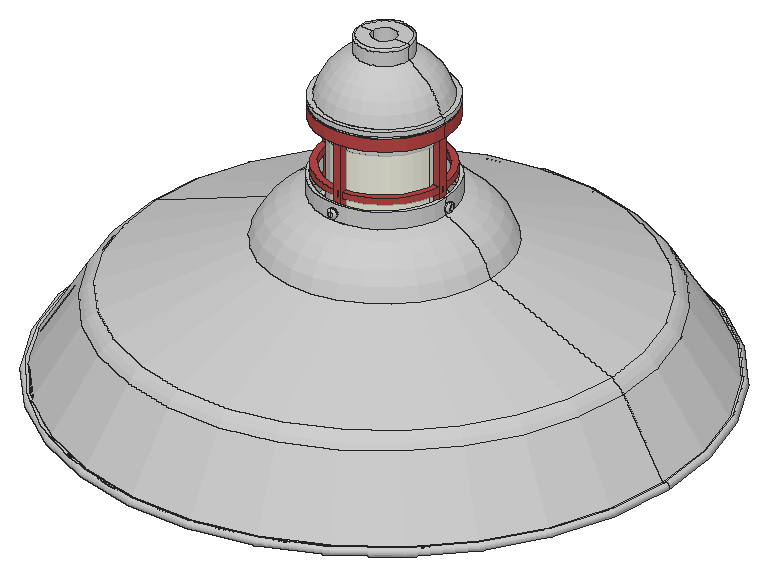
Revit family "WCG20", category Lighting Fixtures, Revit 2024
Family settings
  Round Connector Dimension = Use Diameter
  Part Type = Normal
  OmniClass Number = 23.80.70.00
  OmniClass Title = Lighting
  Work Plane-Based = No
  Always vertical = Yes
  Cut with Voids When Loaded = No
  Light Source = No
  Maintain Annotation Orientation = No
  Shared = No
  Room Calculation Point = No
Parameters
  Default Elevation = 0' - 0"
Reference planes (in)
  plane 1 "Light Source Axis (F/B)": y = 0
  plane 2: z = 0
  plane 3 "Light Source Axis (L/R)": x = 0
  plane 4 "Light Source Elevation": z = 84
Forms (in)
  Extrusion 1, solid, material "49"
    sketch origin (6.84003, -1.34798, 7.78675) x (1, 0, 0) y (0, 0, 1)
      loop
        line (-4.78958, 84.58935) -> (-4.99147, 84.58935) -> (-4.99147, 79.4727)
        arc (-4.99147, 79.4727) -> (-5.57549, 78.12432) -> (-6.95853, 77.62794) r 1.84856
        arc (-6.95853, 77.62794) -> (-8.1884, 78.20816) -> (-8.68859, 79.4727) r 1.84856
        line (-8.68859, 79.4727) -> (-8.68859, 84.58935) -> (-8.89048, 84.58935) -> (-8.89048, 79.4727)
        arc (-8.89048, 79.4727) -> (-6.84003, 77.42225) -> (-4.78958, 79.4727) r 2.05045
        line (-4.78958, 79.4727) -> (-4.78958, 84.58935)
    from -1.47618 to -1.22382
  Revolve 2, solid, material "49"
    sketch origin (6.84003, 0, 7.78675) x (1, 0, 0) y (0, 0, 1)
      loop
        line (-4.69794, 85.06325) -> (-4.69794, 85.21325) -> (-4.8646, 85.21325)
        arc (-4.8646, 85.21325) -> (-5.25766, 86.02652) -> (-5.96503, 86.58825) r 2.02674
        line (-5.96503, 86.58825) -> (-5.96503, 87.02575)
        arc (-5.96503, 87.02575) -> (-5.98334, 87.06994) -> (-6.02753, 87.08825) r 0.0625
        line (-6.02753, 87.08825) -> (-6.45092, 87.08825) -> (-6.45092, 86.65354)
        arc (-6.45092, 86.65354) -> (-5.46253, 86.11619) -> (-4.94074, 85.1195) r 1.93299
        line (-4.94074, 85.1195) -> (-4.83639, 85.1195) -> (-4.83639, 84.89938) -> (-4.79169, 84.89938) -> (-4.79169, 84.6831) -> (-5.08522, 84.6831) -> (-5.08522, 84.30461) -> (-4.99147, 84.30461) -> (-4.99147, 84.58935) -> (-4.69794, 84.58935) -> (-4.69794, 84.99313) -> (-4.74264, 84.99313) -> (-4.74264, 85.06325) -> (-4.69794, 85.06325)
      loop
        line (-4.99147, 82.87328) -> (-4.78958, 82.87328) -> (-4.78958, 83.07517) -> (-4.99147, 83.07517) -> (-4.99147, 82.87328)
      loop
        line (-4.99147, 81.35911) -> (-4.78958, 81.35911) -> (-4.78958, 81.561) -> (-4.99147, 81.561) -> (-4.99147, 81.35911)
      loop
        line (-4.99147, 79.84493) -> (-4.78958, 79.84493) -> (-4.78958, 80.04682) -> (-4.99147, 80.04682) -> (-4.99147, 79.84493)
      loop
        line (-5.24003, 84.58935) -> (-5.33378, 84.58935) -> (-5.33378, 79.6014)
        arc (-5.33378, 79.6014) -> (-5.77495, 78.53632) -> (-6.84003, 78.09515) r 1.50625
        line (-6.84003, 78.09515) -> (-6.84003, 78.0014)
        arc (-6.84003, 78.0014) -> (-5.70866, 78.47003) -> (-5.24003, 79.6014) r 1.6
        line (-5.24003, 79.6014) -> (-5.24003, 84.58935)
      axis (-6.84003, 87.08825) -> (-6.84003, 78.0014)
    angle from 0 to 360
  Extrusion 3, solid, material "49"
    sketch origin (5.40871, -9.34798, 7.78675) x (0, -1, 0) y (0, 0, 1)
      loop
        line (-11.40045, 84.58935) -> (-11.40045, 79.4727)
        arc (-11.40045, 79.4727) -> (-9.35, 77.42225) -> (-7.29955, 79.4727) r 2.05045
        line (-7.29955, 79.4727) -> (-7.29955, 84.58935) -> (-7.50144, 84.58935) -> (-7.50144, 79.4727)
        arc (-7.50144, 79.4727) -> (-8.05489, 78.15366) -> (-9.38383, 77.62445) r 1.84856
        arc (-9.38383, 77.62445) -> (-10.66903, 78.17758) -> (-11.19856, 79.4727) r 1.84856
        line (-11.19856, 79.4727) -> (-11.19856, 84.58935) -> (-11.40045, 84.58935)
    from 5.28252 to 5.53489
  Revolve 4, solid, material "49"
    sketch origin (0, 0, 30.74695) x (1, 0, 0) y (0, 0, 1)
      loop
        line (2.35226, 59.5) -> (2.35226, 59.59)
        arc (2.35226, 59.59) -> (2.33469, 59.63243) -> (2.29226, 59.65) r 0.06
        line (2.29226, 59.65) -> (2.25008, 59.65) -> (2.25008, 59.57321) -> (1.99937, 59.57321) -> (1.99937, 59.5) -> (2.35226, 59.5)
      axis (2.35226, 59.5) -> (1.99937, 59.5)
    angle from 0 to 360
  Revolve 5, solid, material "49"
    sketch origin (0, 0, 30.74695) x (0, -1, 0) y (0, 0, 1)
      loop
        line (2.35226, 59.5) -> (2.35226, 59.59)
        arc (2.35226, 59.59) -> (2.33469, 59.63243) -> (2.29226, 59.65) r 0.06
        line (2.29226, 59.65) -> (2.25008, 59.65) -> (2.25008, 59.57321) -> (1.99937, 59.57321) -> (1.99937, 59.5) -> (2.35226, 59.5)
      axis (2.35226, 59.5) -> (1.99937, 59.5)
    angle from 0 to 360
  Revolve 6, solid, material "49"
    sketch origin (0, 0, 30.74695) x (0, 1, 0) y (0, 0, 1)
      loop
        line (2.35226, 59.5) -> (2.35226, 59.59)
        arc (2.35226, 59.59) -> (2.33469, 59.63243) -> (2.29226, 59.65) r 0.06
        line (2.29226, 59.65) -> (2.25008, 59.65) -> (2.25008, 59.57321) -> (1.99937, 59.57321) -> (1.99937, 59.5) -> (2.35226, 59.5)
      axis (2.35226, 59.5) -> (1.99937, 59.5)
    angle from 0 to 360
  Revolve 7, solid, material "49"
    sketch origin (0, 0, 30.74695) x (-1, 0, 0) y (0, 0, 1)
      loop
        line (2.35226, 59.5) -> (2.35226, 59.59)
        arc (2.35226, 59.59) -> (2.33469, 59.63243) -> (2.29226, 59.65) r 0.06
        line (2.29226, 59.65) -> (2.25008, 59.65) -> (2.25008, 59.57321) -> (1.99937, 59.57321) -> (1.99937, 59.5) -> (2.35226, 59.5)
      axis (2.35226, 59.5) -> (1.99937, 59.5)
    angle from 0 to 360
  Revolve 8, solid, material "49"
    sketch origin (0, 0, 0) x (1, 0, 0) y (0, 0, 1)
      loop
        arc (-9.875, 84.25) -> (-9.95221, 84.0267) -> (-9.75356, 84.15462) r 0.125
        line (-9.75356, 84.15462) -> (-8.31868, 86.43796)
        arc (-8.31868, 86.43796) -> (-8.15463, 86.64924) -> (-7.93605, 86.80342) r 0.90625
        arc (-7.93605, 86.80342) -> (-5.84452, 87.72365) -> (-3.66916, 88.423) r 22.10092
        arc (-3.66916, 88.423) -> (-3.08333, 89.38047) -> (-2.08169, 89.88708) r 2.05428
        line (-2.08169, 89.88708) -> (-2.08169, 90.49997) -> (-2.17544, 90.49997) -> (-2.17544, 89.96297)
        arc (-2.17544, 89.96297) -> (-3.15556, 89.44134) -> (-3.74429, 88.5) r 2.14803
        arc (-3.74429, 88.5) -> (-5.9025, 87.8019) -> (-7.97819, 86.88717) r 22.19467
        arc (-7.97819, 86.88717) -> (-8.21853, 86.71784) -> (-8.39925, 86.48594) r 1
        line (-8.39925, 86.48594) -> (-9.80435, 84.25) -> (-9.875, 84.25)
      axis (0, 90.49997) -> (0, 84.15462)
    angle from 0 to 360
Dimensions and locks (in)
  aligned and locked: level to plane 2
